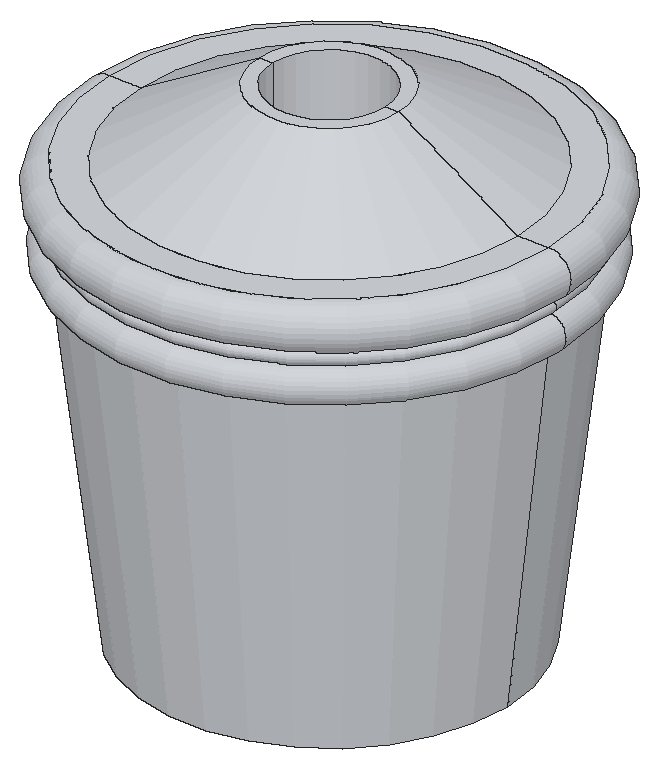
Revit family
Parameters (values of type "SBSP-086.5")
  Width = 3' - 11"
  URL = "www.strombergarchitectural.com"
  Top Material = GFRC
  Submittal Sheet = "www.strombergarchitectural.com/images/materials/gfrc/submittal/gfrc-submittal-sheet.pdf"
  Specifications = "www.strombergarchitectural.com/gfrcspecifications"
  Model Cut-sheet = "www.strombergarchitectural.com/products/bollards/design/SBSP-086"
  Model = "SBSP-086"
  Manufacturer = "Stromberg Architectural Products"
  Guidebook = "www.strombergarchitectural.com/images/materials/gfrc/handbooks/gfrc_guidebook.pdf"
  Frame Material = none
  Description = "GFRC Bollard"
  Assembly Code = ""
  Height = 4' - 0"
  XXX.5 = yes
  XXX.4 = no
  XXX.3 = no
  XXX.2 = no
  XXX.1 = no
Types (6): name | Width | Guidebook | Height | XXX.5 | XXX.4 | XXX.3 | XXX.2 | XXX.1
  (no name) | 3' - 11" | "www.strombergarchitectural.com/images/materials/gfrc/handbooks/gfrc_guidebook.pdf" | 4' - 0" | yes | no | no | no | no
  SBSP-086.3 | 2' - 11" | "www.strombergarchitectural.com/images/materials/gfrc/handbooks/gfrc_guidebook.pdf" | 3' - 0" | no | no | yes | no | no
  SBSP-086.1 | 1' - 11" | "www.strombergarchitectural.com/images/materials/gfrc/handbooks/gfrc_guidebook.pdf   \r\n(http://www.strombergarchitectural.com/images/materials/gfrc/handbooks/gfrc_guidebook.pdf" | 2' - 0" | no | no | no | no | yes
  SBSP-086.2 | 2' - 5" | "www.strombergarchitectural.com/images/materials/gfrc/handbooks/gfrc_guidebook.pdf" | 2' - 6" | no | no | no | yes | no
  SBSP-086.4 | 3' - 5" | "www.strombergarchitectural.com/images/materials/gfrc/handbooks/gfrc_guidebook.pdf" | 3' - 6" | no | yes | no | no | no
  SBSP-086.5 | 3' - 11" | "www.strombergarchitectural.com/images/materials/gfrc/handbooks/gfrc_guidebook.pdf" | 4' - 0" | yes | no | no | no | no
Reference planes (in)
  plane 1 "Center (Front/Back)": y = 3.74847
  plane 2: z = 0
  plane 3 "Center (Left/Right)": x = 0.7278
  plane 4 "Left": x = -17.2722
  plane 5 "Right": x = 18.7278
Forms (in)
  Revolve 1, solid, visible <- "XXX.1"
    sketch origin (0, 3.74847, 0) x (1, 0, 0) y (0, 0, 1)
      loop
        line (0.7278, 20.66667) -> (-1.7487, 20.66667) -> (-1.7487, 24) -> (-2.41536, 24) -> (-8.18887, 20.66667) -> (-9.68887, 20.66667)
        arc (-9.68887, 20.66667) -> (-10.7722, 19.58333) -> (-9.68887, 18.5) r 1.08333
        arc (-9.68887, 18.5) -> (-10.0222, 18.16667) -> (-9.68887, 17.83333) r 0.33333
        arc (-9.68887, 17.83333) -> (-10.5222, 17) -> (-9.68887, 16.16667) r 0.83333
        line (-9.68887, 16.16667) -> (-7.68433, 0) -> (0.7278, 0) -> (0.7278, 20.66667)
      axis (0.7278, 24) -> (0.7278, 0)
    angle from 0 to 360
  Revolve 2, solid, visible <- "XXX.2"
    sketch origin (0, 3.74847, 0) x (1, 0, 0) y (0, 0, 1)
      loop
        line (0.7278, 25.83333) -> (-2.49282, 25.83333) -> (-2.49282, 30) -> (-3.32615, 30) -> (-10.54303, 25.83333) -> (-12.41803, 25.83333)
        arc (-12.41803, 25.83333) -> (-13.7722, 24.47917) -> (-12.41803, 23.125) r 1.35417
        arc (-12.41803, 23.125) -> (-12.8347, 22.70833) -> (-12.41803, 22.29167) r 0.41667
        arc (-12.41803, 22.29167) -> (-13.4597, 21.25) -> (-12.41803, 20.20833) r 1.04167
        line (-12.41803, 20.20833) -> (-9.91236, 0) -> (0.7278, 0) -> (0.7278, 25.83333)
      axis (0.7278, 30) -> (0.7278, 0)
    angle from 0 to 360
  Revolve 3, solid, visible <- "XXX.3"
    sketch origin (0, 3.74847, 0) x (1, 0, 0) y (0, 0, 1)
      loop
        line (0.7278, 31) -> (-3.23695, 31) -> (-3.23695, 36) -> (-4.23695, 36) -> (-12.8972, 31) -> (-15.1472, 31)
        arc (-15.1472, 31) -> (-16.7722, 29.375) -> (-15.1472, 27.75) r 1.625
        arc (-15.1472, 27.75) -> (-15.6472, 27.25) -> (-15.1472, 26.75) r 0.5
        arc (-15.1472, 26.75) -> (-16.3972, 25.5) -> (-15.1472, 24.25) r 1.25
        line (-15.1472, 24.25) -> (-12.14039, 0) -> (0.7278, 0) -> (0.7278, 31)
      axis (0.7278, 36) -> (0.7278, 0)
    angle from 0 to 360
  Revolve 4, solid, visible <- "XXX.4"
    sketch origin (0, 3.74847, 0) x (1, 0, 0) y (0, 0, 1)
      loop
        line (0.7278, 36) -> (-4.07944, 36) -> (-4.07944, 42) -> (-5.24611, 42) -> (-15.34974, 36.16667) -> (-17.97474, 36.16667)
        arc (-17.97474, 36.16667) -> (-19.87057, 34.27083) -> (-17.97474, 32.375) r 1.89583
        arc (-17.97474, 32.375) -> (-18.55807, 31.79167) -> (-17.97474, 31.20833) r 0.58333
        arc (-17.97474, 31.20833) -> (-19.43307, 29.75) -> (-17.97474, 28.29167) r 1.45833
        line (-17.97474, 28.29167) -> (-14.4668, 0) -> (0.7278, 0) -> (0.7278, 36)
      axis (0.7278, 42) -> (0.7278, 0)
    angle from 0 to 360
  Revolve 5, solid, visible <- "XXX.5"
    sketch origin (0, 3.74847, 0) x (1, 0, 0) y (0, 0, 1)
      loop
        line (0.7278, 41.33333) -> (-4.72519, 41.33333) -> (-4.72519, 48) -> (-6.05853, 48) -> (-17.60553, 41.33333) -> (-20.60553, 41.33333)
        arc (-20.60553, 41.33333) -> (-22.7722, 39.16667) -> (-20.60553, 37) r 2.16667
        arc (-20.60553, 37) -> (-21.2722, 36.33333) -> (-20.60553, 35.66667) r 0.66667
        arc (-20.60553, 35.66667) -> (-22.2722, 34) -> (-20.60553, 32.33333) r 1.66667
        line (-20.60553, 32.33333) -> (-16.59646, 0) -> (0.7278, 0) -> (0.7278, 41.33333)
      axis (0.7278, 48) -> (0.7278, 0)
    angle from 0 to 360
Dimensions and locks (in)
  aligned and locked: level to plane 2
